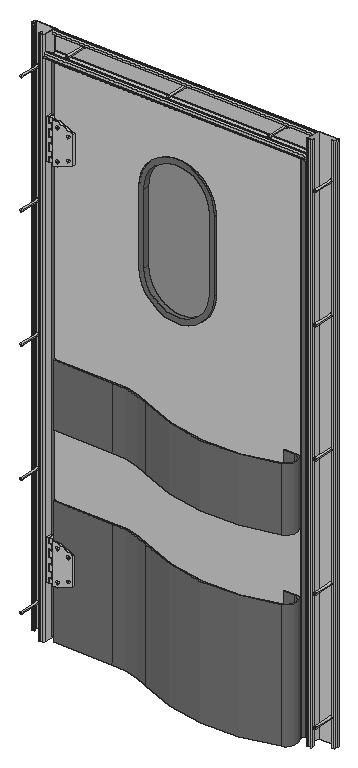
Revit family "Дверь МДО1", category Двери, Revit 2015
Parameters
  Тип рамы и крепления [instance] = if(and(Тип Рамы = Угол, Тип Крепления к стене = ТК_СП), "УГЛ / СП", if(and(Тип Рамы = Угол, Тип Крепления к стене = ТК_КРК), "УГЛ / КРК", if(and(Тип Рамы = Угол, Тип Крепления к стене = ТК_МК), "УГЛ / МК", if(and(Тип Рамы = Побр, Тип Крепления к стене = ТК_СП), "П / ОШИБКА", if(and(Тип Рамы = Побр, Тип Крепления к стене = ТК_КРК), "П / КРК", if(and(Тип Рамы = Побр, Тип Крепления к стене = ТК_МК), "П / МК", "ОБХ / СП"))))))  # "УГЛ / МК"
  Тип отбойника = if(Плоский отбойник, "Плоский отбойник", "Изогнутый отбойник")  # "Изогнутый отбойник"
  Обрамление проёма [instance] = if(F_Elem, "ДА", "НЕТ")  # "НЕТ"
  Крепеж видимость [instance] = Гнутая рама  # yes
  Ширина проема до монтажа = 1100 mm
  Ширина в свету = if(Плоский отбойник, Width - 106 mm, Width - 226 mm)  # 874 mm
  Функция = Внутренние слои
  Фасонный элемент [instance] = no
  Угол = ТР : Угловая рама
  Толщина полотна = 40 mm  # constant formula
  Тип рамы [instance] = if(Тип Рамы = Обхват, "ОБХ", if(Тип Рамы = Побр, "П", "УГЛ"))  # "УГЛ"
  Тип крепления [instance] = if(or(and(Тип Крепления к стене = ТК_КРК, Тип Рамы = Побр), and(Тип Крепления к стене = ТК_КРК, Тип Рамы = Угол)), "КРК", if(or(and(Тип Крепления к стене = ТК_МК, Тип Рамы = Побр), and(Тип Крепления к стене = ТК_МК, Тип Рамы = Угол)), "МК", if(and(Тип Крепления к стене = ТК_СП, Тип Рамы = Побр), "ОШИБКА", "СП")))  # "МК"
  Тип Крепления к стене [instance] = ККС : МК - к металлоконструкции
  Температурный режим = "C"  # constant formula
  ТК_СП = ККС : СП - к сэндвич-панели
  ТК_МК = ККС : МК - к металлоконструкции
  ТК_КРК = ККС : КРК - к крипичной стене
  Смещение полотна [instance] = 0 mm
  Тип Рамы [instance] = ТР : Угловая рама
  Побр = ТР : П-рама
  Описание = "Двери маятниковые одностворчатые (МДО)"  # constant formula
  Обхват = ТР : В обхват
  Группа модели = "МДО"  # constant formula
  Shift_door [instance] = if(Тип Рамы = Побр, Смещение полотна, 0 mm)  # 0 mm
  Резиновые изделия = Резина
  Плоский отбойник = no
  Петли правые = not(Петли левые)  # yes
  Петли левые = no
  П_образный профиль [instance] = Тип Рамы = Побр  # no
  Отображение обратного открывания [instance] = yes
  Наружная сторона = RAL9003
  Коробка и наличники = RAL9003
  Иллюминатор стекло = Пластмасса, прозрачная
  Иллюминатор радиус = if(H_hole_height < 350 mm, (H_hole_height - 50 mm) / 2, 150 mm)  # 150 mm
  H_hole_bottom = if(Height < Иллюминатор низ + Иллюминатор высота + 100 mm, if((Height - Иллюминатор высота - 100 mm) < 1100 mm, 1100 mm, Height - Иллюминатор высота - 100 mm), Иллюминатор низ)  # 1300 mm
  H_hole_height = if(Height < Иллюминатор высота + H_hole_bottom + 100 mm, Height - H_hole_bottom - 100 mm, 580 mm)  # 580 mm
  Изогнутый отбойник правый = and(Петли правые, not(Плоский отбойник))  # yes
  Изогнутый отбойник левый = and(Петли левые, not(Плоский отбойник))  # no
  Изготовитель = "ООО ПрофХолод"  # constant formula
  Гнутая рама [instance] = not(П_образный профиль)  # yes
  Высота проема до монтажа = 2100 mm
  Высота порога = 0 mm  # constant formula
  Высота в свету = Height - 30 mm  # 2070 mm
  Height = round((if(Высота проема до монтажа < 1500 mm, 1500 mm, if(Высота проема до монтажа > 3000 mm, 3000 mm, Высота проема до монтажа)) / 10 mm)) * 10 mm  # 2100 mm
  Замыкание стены = По основе
  Width = round((if(Ширина проема до монтажа < 700 mm, 700 mm, if(Ширина проема до монтажа > 1500 mm, 1500 mm, Ширина проема до монтажа)) / 10 mm)) * 10 mm  # 1100 mm
  Внутренняя сторона = AISI 430-0,5
  Аналитическая конструкция = "<Нет>"
  V_Obhv [instance] = Тип Рамы = Обхват  # no
  URL = "http://profholod.ru/"
  Иллюминатор высота = 580 mm  # constant formula
  Иллюминатор низ = 1300 mm  # constant formula
  F_Elem [instance] = or(and(Тип Рамы = Угол, Тип Крепления к стене = ТК_СП), and(Тип Рамы = Угол, Фасонный элемент))  # no
  ADSK_Толщина стены [instance] = 300 mm
  ADSK_Открывание = if(Петли левые, "Лев", "Пр")  # "Пр"
  ADSK_Обозначение = "ООО ПрофХолод"  # constant formula
  ADSK_Наименование = "МДО 1000 2000 40 AISI 430-0,5 RAL - 0,5 0 Н Лев"
  ADSK_Завод-изготовитель = Изготовитель  # "ООО ПрофХолод"
  ADSK_URL страницы изделия = "http://profholod.ru/"
Reference planes
  plane 1: y = 0
  plane 2 "По центру (Влево/Вправо)": x = 0
  plane 3 "Слева": x = -550
  plane 4 "Справа": x = 550
  plane 5 "Верх проема": z = 2100
  plane 6 "Наружный": y = 150
  plane 7 "Внутренние": y = -150
  plane 8 "Наружная грань полотна": y = 164.3
  plane 9: x = -520
  plane 10: x = 520
  plane 11: z = 2070
  plane 12: z = 2150
  plane 13: y = 164.3
  plane 14: z = 2150
  plane 15: x = 486
  plane 16: x = -486
  plane 17: z = 2060
  plane 18: z = 10
  plane 19: z = 1310
  plane 20: z = 1890
  plane 21: x = 150
  plane 22: x = -150
  plane 23: z = 1460
  plane 24: z = 1740
  plane 25: x = 540
  plane 26: x = -540
  plane 27: x = -540
  plane 28: x = 540
  plane 29 "Ось двери": y = 144.3
  plane 30: x = -570
  plane 31: x = 570
  plane 32: z = 2090
  plane 33: z = 2120
Forms (mm)
  Sweep 1, solid, material "RAL9003" <- "Коробка и наличники", visible <- "Гнутая рама", detail levels medium+fine
    path origin (0, 164.3, 0) x (-1, 0, 0) y (0, 0, 1)
      loop
        line (-520, 0) -> (-520, 2150)
    profile "Профиль МДО гнутая рама : Профиль МДО гнутая рама" origin (520, 164.3, 1075) x (1, 0, 0) y (0, 1, 0)
      loop
        line (20, -42.267) -> (18, -42.267) -> (18, -50.267)
        arc (18, -50.267) -> (17.414, -51.681) -> (16, -52.267) r 2
        line (16, -52.267) -> (4, -52.267)
        arc (4, -52.267) -> (2.586, -51.681) -> (2, -50.267) r 2
        line (2, -50.267) -> (2, 1.733)
        arc (2, 1.733) -> (2.586, 3.147) -> (4, 3.733) r 2
        line (4, 3.733) -> (76, 3.733)
        arc (76, 3.733) -> (77.414, 3.147) -> (78, 1.733) r 2
        line (78, 1.733) -> (78, -10.267)
        arc (78, -10.267) -> (77.414, -11.681) -> (76, -12.267) r 2
        line (76, -12.267) -> (68, -12.267) -> (68, -14.267) -> (76, -14.267)
        arc (76, -14.267) -> (78.828, -13.096) -> (80, -10.267) r 4
        line (80, -10.267) -> (80, 1.733)
        arc (80, 1.733) -> (78.828, 4.561) -> (76, 5.733) r 4
        line (76, 5.733) -> (4, 5.733)
        arc (4, 5.733) -> (1.172, 4.561) -> (0, 1.733) r 4
        line (0, 1.733) -> (0, -50.267)
        arc (0, -50.267) -> (1.172, -53.096) -> (4, -54.267) r 4
        line (4, -54.267) -> (16, -54.267)
        arc (16, -54.267) -> (18.828, -53.096) -> (20, -50.267) r 4
        line (20, -50.267) -> (20, -42.267)
  Sweep 2, solid, material "RAL9003" <- "Коробка и наличники", visible <- "Гнутая рама", detail levels medium+fine
    path origin (0, 164.3, 0) x (-1, 0, 0) y (0, 0, 1)
      loop
        line (520, 0) -> (520, 2150)
    profile "Профиль МДО гнутая рама : Профиль МДО гнутая рама" origin (-520, 164.3, 1075) x (1, 0, 0) y (0, 1, 0)
      loop
        line (-20, -42.267) -> (-20, -50.267)
        arc (-20, -50.267) -> (-18.828, -53.096) -> (-16, -54.267) r 4
        line (-16, -54.267) -> (-4, -54.267)
        arc (-4, -54.267) -> (-1.172, -53.096) -> (0, -50.267) r 4
        line (0, -50.267) -> (0, 1.733)
        arc (0, 1.733) -> (-1.172, 4.561) -> (-4, 5.733) r 4
        line (-4, 5.733) -> (-76, 5.733)
        arc (-76, 5.733) -> (-78.828, 4.561) -> (-80, 1.733) r 4
        line (-80, 1.733) -> (-80, -10.267)
        arc (-80, -10.267) -> (-78.828, -13.096) -> (-76, -14.267) r 4
        line (-76, -14.267) -> (-68, -14.267) -> (-68, -12.267) -> (-76, -12.267)
        arc (-76, -12.267) -> (-77.414, -11.681) -> (-78, -10.267) r 2
        line (-78, -10.267) -> (-78, 1.733)
        arc (-78, 1.733) -> (-77.414, 3.147) -> (-76, 3.733) r 2
        line (-76, 3.733) -> (-4, 3.733)
        arc (-4, 3.733) -> (-2.586, 3.147) -> (-2, 1.733) r 2
        line (-2, 1.733) -> (-2, -50.267)
        arc (-2, -50.267) -> (-2.586, -51.681) -> (-4, -52.267) r 2
        line (-4, -52.267) -> (-16, -52.267)
        arc (-16, -52.267) -> (-17.414, -51.681) -> (-18, -50.267) r 2
        line (-18, -50.267) -> (-18, -42.267) -> (-20, -42.267)
  Sweep 3, solid, material "RAL9003" <- "Коробка и наличники", visible <- "Гнутая рама", detail levels medium+fine
    path origin (0, 164.3, 0) x (-1, 0, 0) y (0, 0, 1)
      loop
        line (-520, 2070) -> (520, 2070)
    profile "Профиль МДО гнутая рама : Профиль МДО гнутая рама" origin (0, 164.3, 2070) x (0, 0, 1) y (0, 1, 0)
      loop
        line (20, -42.267) -> (18, -42.267) -> (18, -50.267)
        arc (18, -50.267) -> (17.414, -51.681) -> (16, -52.267) r 2
        line (16, -52.267) -> (4, -52.267)
        arc (4, -52.267) -> (2.586, -51.681) -> (2, -50.267) r 2
        line (2, -50.267) -> (2, 1.733)
        arc (2, 1.733) -> (2.586, 3.147) -> (4, 3.733) r 2
        line (4, 3.733) -> (76, 3.733)
        arc (76, 3.733) -> (77.414, 3.147) -> (78, 1.733) r 2
        line (78, 1.733) -> (78, -10.267)
        arc (78, -10.267) -> (77.414, -11.681) -> (76, -12.267) r 2
        line (76, -12.267) -> (68, -12.267) -> (68, -14.267) -> (76, -14.267)
        arc (76, -14.267) -> (78.828, -13.096) -> (80, -10.267) r 4
        line (80, -10.267) -> (80, 1.733)
        arc (80, 1.733) -> (78.828, 4.561) -> (76, 5.733) r 4
        line (76, 5.733) -> (4, 5.733)
        arc (4, 5.733) -> (1.172, 4.561) -> (0, 1.733) r 4
        line (0, 1.733) -> (0, -50.267)
        arc (0, -50.267) -> (1.172, -53.096) -> (4, -54.267) r 4
        line (4, -54.267) -> (16, -54.267)
        arc (16, -54.267) -> (18.828, -53.096) -> (20, -50.267) r 4
        line (20, -50.267) -> (20, -42.267)
  Extrusion 4, solid, material "RAL9003" <- "Наружная сторона", detail levels medium+fine
    sketch origin (0, 164.3, 0) x (-1, 0, 0) y (0, 0, 1)
      loop
        line (-486, 2060) -> (-486, 10) -> (486, 10) -> (486, 2060) -> (-486, 2060)
      loop
        line (150, 1460) -> (150, 1740)
        arc (150, 1740) -> (0, 1890) -> (-150, 1740) r 150
        line (-150, 1740) -> (-150, 1460)
        arc (-150, 1460) -> (0, 1310) -> (150, 1460) r 150
    from 0 to -40
  Sweep 5, solid, material "Резина" <- "Резиновые изделия", detail levels fine
    path origin (0, 164.3, 0) x (-1, 0, 0) y (0, 0, 1)
      loop
        line (-486, 10) -> (-486, 2060)
    profile "Профиль МДО уплотнитель : Профиль МДО уплотнитель" origin (486, 164.3, 1035) x (1, 0, 0) y (0, 1, 0)
      loop
        line (0, -17.022) -> (-3, -17.022) -> (-3, -11.022) -> (-6, -11.022) -> (-6, -28.978) -> (-3, -28.978) -> (-3, -22.978) -> (0, -22.978) -> (0, -36.978) -> (1, -36.978) -> (5.146, -28.189)
        arc (5.146, -28.189) -> (8.922, -23.617) -> (14.426, -21.412) r 12
        line (14.426, -21.412) -> (34, -20.522) -> (34, -19.522) -> (15.454, -18.679)
        arc (15.454, -18.679) -> (9.346, -16.678) -> (5.146, -11.811) r 12
        line (5.146, -11.811) -> (1, -3.022) -> (0, -3.022) -> (0, -17.022)
  Sweep 6, solid, material "Резина" <- "Резиновые изделия", detail levels fine
    path origin (0, 164.3, 0) x (-1, 0, 0) y (0, 0, 1)
      loop
        line (486, 10) -> (486, 2060)
    profile "Профиль МДО уплотнитель : Профиль МДО уплотнитель" origin (-486, 164.3, 1035) x (1, 0, 0) y (0, 1, 0)
      loop
        line (0, -17.022) -> (0, -3.022) -> (-1, -3.022) -> (-5.146, -11.811)
        arc (-5.146, -11.811) -> (-9.346, -16.678) -> (-15.454, -18.679) r 12
        line (-15.454, -18.679) -> (-34, -19.522) -> (-34, -20.522) -> (-14.426, -21.412)
        arc (-14.426, -21.412) -> (-8.922, -23.617) -> (-5.146, -28.189) r 12
        line (-5.146, -28.189) -> (-1, -36.978) -> (0, -36.978) -> (0, -22.978) -> (3, -22.978) -> (3, -28.978) -> (6, -28.978) -> (6, -11.022) -> (3, -11.022) -> (3, -17.022) -> (0, -17.022)
  Sweep 7, solid, material "RAL9003" <- "Коробка и наличники", visible <- "П_образный профиль", detail levels medium+fine
    path origin (0, 164.3, 0) x (-1, 0, 0) y (0, 0, 1)
      loop
        line (-540, 2070) -> (540, 2070)
    profile "Профиль МДО П-образная рама : Профиль МДО П-образная рама" origin (0, 164.3, 2070) x (0, 0, 1) y (0, 1, 0)
      loop
        line (4, -50.267) -> (16, -50.267)
        arc (16, -50.267) -> (18.828, -49.096) -> (20, -46.267) r 4
        line (20, -46.267) -> (20, -38.267) -> (18, -38.267) -> (18, -46.267)
        arc (18, -46.267) -> (17.414, -47.681) -> (16, -48.267) r 2
        line (16, -48.267) -> (4, -48.267)
        arc (4, -48.267) -> (2.586, -47.681) -> (2, -46.267) r 2
        line (2, -46.267) -> (2, 5.733)
        arc (2, 5.733) -> (2.586, 7.147) -> (4, 7.733) r 2
        line (4, 7.733) -> (16, 7.733)
        arc (16, 7.733) -> (17.414, 7.147) -> (18, 5.733) r 2
        line (18, 5.733) -> (18, -2.267) -> (20, -2.267) -> (20, 5.733)
        arc (20, 5.733) -> (18.828, 8.561) -> (16, 9.733) r 4
        line (16, 9.733) -> (4, 9.733)
        arc (4, 9.733) -> (1.172, 8.561) -> (0, 5.733) r 4
        line (0, 5.733) -> (0, -46.267)
        arc (0, -46.267) -> (1.172, -49.096) -> (4, -50.267) r 4
  Sweep 8, solid, material "RAL9003" <- "Коробка и наличники", visible <- "П_образный профиль", detail levels medium+fine
    path origin (0, 164.3, 0) x (-1, 0, 0) y (0, 0, 1)
      loop
        line (-520, 0) -> (-520, 2070)
    profile "Профиль МДО П-образная рама : Профиль МДО П-образная рама" origin (520, 164.3, 1035) x (1, 0, 0) y (0, 1, 0)
      loop
        line (4, -50.267) -> (16, -50.267)
        arc (16, -50.267) -> (18.828, -49.096) -> (20, -46.267) r 4
        line (20, -46.267) -> (20, -38.267) -> (18, -38.267) -> (18, -46.267)
        arc (18, -46.267) -> (17.414, -47.681) -> (16, -48.267) r 2
        line (16, -48.267) -> (4, -48.267)
        arc (4, -48.267) -> (2.586, -47.681) -> (2, -46.267) r 2
        line (2, -46.267) -> (2, 5.733)
        arc (2, 5.733) -> (2.586, 7.147) -> (4, 7.733) r 2
        line (4, 7.733) -> (16, 7.733)
        arc (16, 7.733) -> (17.414, 7.147) -> (18, 5.733) r 2
        line (18, 5.733) -> (18, -2.267) -> (20, -2.267) -> (20, 5.733)
        arc (20, 5.733) -> (18.828, 8.561) -> (16, 9.733) r 4
        line (16, 9.733) -> (4, 9.733)
        arc (4, 9.733) -> (1.172, 8.561) -> (0, 5.733) r 4
        line (0, 5.733) -> (0, -46.267)
        arc (0, -46.267) -> (1.172, -49.096) -> (4, -50.267) r 4
  Sweep 9, solid, material "RAL9003" <- "Коробка и наличники", visible <- "П_образный профиль", detail levels medium+fine
    path origin (0, 164.3, 0) x (-1, 0, 0) y (0, 0, 1)
      loop
        line (520, 0) -> (520, 2070)
    profile "Профиль МДО П-образная рама : Профиль МДО П-образная рама" origin (-520, 164.3, 1035) x (1, 0, 0) y (0, 1, 0)
      loop
        arc (-4, -50.267) -> (-1.172, -49.096) -> (0, -46.267) r 4
        line (0, -46.267) -> (0, 5.733)
        arc (0, 5.733) -> (-1.172, 8.561) -> (-4, 9.733) r 4
        line (-4, 9.733) -> (-16, 9.733)
        arc (-16, 9.733) -> (-18.828, 8.561) -> (-20, 5.733) r 4
        line (-20, 5.733) -> (-20, -2.267) -> (-18, -2.267) -> (-18, 5.733)
        arc (-18, 5.733) -> (-17.414, 7.147) -> (-16, 7.733) r 2
        line (-16, 7.733) -> (-4, 7.733)
        arc (-4, 7.733) -> (-2.586, 7.147) -> (-2, 5.733) r 2
        line (-2, 5.733) -> (-2, -46.267)
        arc (-2, -46.267) -> (-2.586, -47.681) -> (-4, -48.267) r 2
        line (-4, -48.267) -> (-16, -48.267)
        arc (-16, -48.267) -> (-17.414, -47.681) -> (-18, -46.267) r 2
        line (-18, -46.267) -> (-18, -38.267) -> (-20, -38.267) -> (-20, -46.267)
        arc (-20, -46.267) -> (-18.828, -49.096) -> (-16, -50.267) r 4
        line (-16, -50.267) -> (-4, -50.267)
  Sweep 10, solid, material "Резина" <- "Резиновые изделия", detail levels medium+fine
    path in 3D
      loop
        line (150, 164.3, 1740) -> (150, 164.3, 1460)
        arc (150, 164.3, 1460) -> (0, 164.3, 1310) -> (-150, 164.3, 1460) r 150
        line (-150, 164.3, 1460) -> (-150, 164.3, 1740)
        arc (-150, 164.3, 1740) -> (0, 164.3, 1890) -> (150, 164.3, 1740) r 150
    profile origin (0, 164.3, 1890) x (0, 0, -1) y (0, 1, 0)
      loop
        line (0, 5) -> (0, -45) -> (20, -45) -> (20, 5) -> (0, 5)
  Extrusion 11, solid, material "Пластмасса, прозрачная" <- "Иллюминатор стекло", detail levels medium+fine
    sketch origin (0, 164.3, 0) x (-1, 0, 0) y (0, 0, 1)
      loop
        arc (130, 1740) -> (0, 1870) -> (-130, 1740) r 130
        line (-130, 1740) -> (-130, 1460)
        arc (-130, 1460) -> (0, 1330) -> (130, 1460) r 130
        line (130, 1460) -> (130, 1740)
    from -15 to -25
  Extrusion 12, solid, material "RAL9003" <- "Коробка и наличники", visible <- "F_Elem", detail levels medium+fine
    sketch origin (0, 0, 0) x (1, 0, 0) y (0, 1, 0)
      loop
        line (-570, -152) -> (-540, -152) -> (-540, 144.3) -> (-542.288, 144.3) -> (-542.288, -150) -> (-570, -150) -> (-570, -152)
      loop
        line (540, 144.3) -> (540, -152) -> (570, -152) -> (570, -150) -> (542, -150) -> (542, 144.3) -> (540, 144.3)
    from 0 to 2090
  Extrusion 13, solid, material "RAL9003" <- "Коробка и наличники", visible <- "F_Elem", detail levels medium+fine
    sketch origin (0, 0, 0) x (0, 1, 0) y (0, 0, 1)
      loop
        line (144.3, 2090) -> (144.3, 2092) -> (-150, 2092) -> (-150, 2120) -> (-152, 2120) -> (-152, 2090) -> (144.3, 2090)
    from -570 to 570
  Extrusion 14, solid, material "RAL9003" <- "Коробка и наличники", visible <- "V_Obhv", detail levels medium+fine
    sketch origin (0, 0, 0) x (1, 0, 0) y (0, 1, 0)
      loop
        arc (-596, -150.033) -> (-598.828, -151.204) -> (-600, -154.033) r 4
        line (-600, -154.033) -> (-600, -166.033)
        arc (-600, -166.033) -> (-598.828, -168.861) -> (-596, -170.033) r 4
        line (-596, -170.033) -> (-544, -170.033)
        arc (-544, -170.033) -> (-541.172, -168.861) -> (-540, -166.033) r 4
        line (-540, -166.033) -> (-540, 144.3) -> (-542, 144.3) -> (-542, -166.033)
        arc (-542, -166.033) -> (-542.586, -167.447) -> (-544, -168.033) r 2
        line (-544, -168.033) -> (-596, -168.033)
        arc (-596, -168.033) -> (-597.414, -167.447) -> (-598, -166.033) r 2
        line (-598, -166.033) -> (-598, -154.033)
        arc (-598, -154.033) -> (-597.414, -152.619) -> (-596, -152.033) r 2
        line (-596, -152.033) -> (-588, -152.033) -> (-588, -150.033) -> (-596, -150.033)
      loop
        line (596, -150.033) -> (588, -150.033) -> (588, -152.033) -> (596, -152.033)
        arc (596, -152.033) -> (597.414, -152.619) -> (598, -154.033) r 2
        line (598, -154.033) -> (598, -166.033)
        arc (598, -166.033) -> (597.414, -167.447) -> (596, -168.033) r 2
        line (596, -168.033) -> (544, -168.033)
        arc (544, -168.033) -> (542.586, -167.447) -> (542, -166.033) r 2
        line (542, -166.033) -> (542, 144.3) -> (540, 144.3) -> (540, -166.033)
        arc (540, -166.033) -> (541.172, -168.861) -> (544, -170.033) r 4
        line (544, -170.033) -> (596, -170.033)
        arc (596, -170.033) -> (598.828, -168.861) -> (600, -166.033) r 4
        line (600, -166.033) -> (600, -154.033)
        arc (600, -154.033) -> (598.828, -151.204) -> (596, -150.033) r 4
    from 0 to 2150
  Extrusion 15, solid, material "RAL9003" <- "Коробка и наличники", visible <- "V_Obhv", detail levels medium+fine
    sketch origin (0, 0, 0) x (0, 1, 0) y (0, 0, 1)
      loop
        line (-150.033, 2138) -> (-150.033, 2146)
        arc (-150.033, 2146) -> (-151.204, 2148.828) -> (-154.033, 2150) r 4
        line (-154.033, 2150) -> (-166.033, 2150)
        arc (-166.033, 2150) -> (-168.861, 2148.828) -> (-170.033, 2146) r 4
        line (-170.033, 2146) -> (-170.033, 2094)
        arc (-170.033, 2094) -> (-168.861, 2091.172) -> (-166.033, 2090) r 4
        line (-166.033, 2090) -> (144.3, 2090) -> (144.3, 2092) -> (-166.033, 2092)
        arc (-166.033, 2092) -> (-167.447, 2092.586) -> (-168.033, 2094) r 2
        line (-168.033, 2094) -> (-168.033, 2146)
        arc (-168.033, 2146) -> (-167.447, 2147.414) -> (-166.033, 2148) r 2
        line (-166.033, 2148) -> (-154.033, 2148)
        arc (-154.033, 2148) -> (-152.619, 2147.414) -> (-152.033, 2146) r 2
        line (-152.033, 2146) -> (-152.033, 2138) -> (-150.033, 2138)
    from -540 to 540
  Extrusion 16, solid, material "Резина" <- "Резиновые изделия", visible <- "Плоский отбойник", detail levels fine
    sketch origin (0, 164.3, 0) x (-1, 0, 0) y (0, 0, 1)
      loop
        line (-486, 10) -> (486, 10) -> (486, 510) -> (-486, 510) -> (-486, 10)
      loop
        line (-486, 760) -> (486, 760) -> (486, 1010) -> (-486, 1010) -> (-486, 760)
    from 0 to 3
  Extrusion 17, solid, material "Резина" <- "Резиновые изделия", visible <- "Плоский отбойник", detail levels fine
    sketch origin (0, 124.3, 0) x (1, 0, 0) y (0, 0, 1)
      loop
        line (-486, 10) -> (486, 10) -> (486, 510) -> (-486, 510) -> (-486, 10)
      loop
        line (-486, 1010) -> (-486, 760) -> (486, 760) -> (486, 1010) -> (-486, 1010)
    from 0 to 3
  Extrusion 18, solid, material "RAL9003" <- "Наружная сторона", detail levels coarse
    sketch origin (0, 164.3, 0) x (-1, 0, 0) y (0, 0, 1)
      loop
        line (-550, 2100) -> (-550, 10) -> (550, 10) -> (550, 2100) -> (-550, 2100)
    from 0 to -40
Lines and regions (mm)
  Opening 1
    outline origin (-3050, -150, 0) x (1, 0, 0) y (0, 0, 1)
      loop
        line (2500, 0) -> (3600, 0) -> (3600, 2100) -> (2500, 2100) -> (2500, 0)
  symbolic lines, style "Поворот фасада", visible <- "Петли правые"
    curve 1: line (550, -150, 1050) -> (-550, -150, 2100)
    curve 2: line (550, -150, 1050) -> (-550, -150, 0)
  sketch lines
    curve 3: arc (-150, 164.3, 1740) -> (0, 164.3, 1890) -> (150, 164.3, 1740) r 150
    curve 4: line (-150, 164.3, 1740) -> (-150, 164.3, 1460)
    curve 5: arc (150, 164.3, 1460) -> (0, 164.3, 1310) -> (-150, 164.3, 1460) r 150
    curve 6: line (150, 164.3, 1460) -> (150, 164.3, 1740)
  symbolic lines, style "Поворот фасада", visible <- "Петли левые"
    curve 7: line (550, 164.3, 2100) -> (-550, 164.3, 1050)
    curve 8: line (-550, 164.3, 1050) -> (550, 164.3, 0)
Text (mm)
  text "Наружный" at (-2295.016, 1099.543, 0), in view "Опорный уровень"
  text "Наружный" at (0, 1615.38, 3698.081), in view "Слева"
  text "Наружный" at (0, 1036.032, 3874.932), in view "Справа"
Dimensions and locks
  equal spacing: plane 3 "Слева", plane 2 "По центру (Влево/Вправо)", plane 4 "Справа"
  "Width": plane 3 "Слева" to plane 4 "Справа"
  "Height": plane 5 "Верх проема" to host wall
  locked: plane 6 "Наружный" to host wall at 0
  locked: plane 7 "Внутренние" to host wall
  "Shift_door": plane 13 to plane 8 "Наружная грань полотна"
  plane 17 to plane 11 to plane 5 "Верх проема" = 10 mm locked, 30 mm locked
  locked: plane 5 "Верх проема" to plane 12 at 50
  locked: plane 13 to plane 6 "Наружный" at 14.3
  locked: plane 5 "Верх проема" to plane 14 at 50
  plane 3 "Слева" to plane 9 to plane 16 = 30 mm locked, 34 mm locked
  plane 15 to plane 10 to plane 4 "Справа" = 34 mm locked, 30 mm locked
  locked: level to plane 18 at 10
  "H_hole_bottom": plane 18 to plane 19
  "H_hole_height": plane 19 to plane 20
  "Иллюминатор радиус": plane 21 to plane 2 "По центру (Влево/Вправо)"
  "Иллюминатор радиус": plane 2 "По центру (Влево/Вправо)" to plane 22
  "Иллюминатор радиус": plane 19 to plane 23
  "Иллюминатор радиус": plane 24 to plane 20
  locked: plane 18 to nested 2 at 280
  locked: nested 1 to plane 17 at 280
  locked: plane 25 to plane 4 "Справа" at 10
  locked: plane 3 "Слева" to plane 26 at 10
  plane 30 to plane 3 "Слева" to plane 27 = 20 mm locked, 10 mm locked
  plane 28 to plane 4 "Справа" to plane 31 = 10 mm locked, 20 mm locked
  locked: plane 8 "Наружная грань полотна" to plane 29 "Ось двери" at 20
  Extrusion 12 sketch curve to plane 27 = 2.288 mm
  locked: Extrusion 12 sketch curve to plane 7 "Внутренние" at 2
  locked: Extrusion 12 sketch curve to Extrusion 12 sketch curve at 2
  locked: plane 28 to Extrusion 12 sketch curve at 2
  plane 33 to plane 5 "Верх проема" to plane 32 = 20 mm locked, 10 mm locked
  locked: plane 7 "Внутренние" to Extrusion 13 sketch curve at 2
  locked: Extrusion 13 sketch curve to plane 32 at 2
  locked: plane 5 "Верх проема" to nested 9 at 100
  locked: nested 9 to plane 3 "Слева" at 30
  locked: plane 3 "Слева" to nested 5 at 30
  locked: nested 5 to level at 100
  equal spacing: nested 9, nested 8, nested 7, nested 6, nested 5
  equal spacing: nested 14, nested 13, nested 12, nested 11, nested 10
  locked: nested 10 to plane 4 "Справа" at 30
  locked: plane 4 "Справа" to nested 14 at 30
  locked: plane 3 "Слева" to nested 15 at 150
  locked: nested 17 to plane 4 "Справа" at 150
  locked: nested 17 to plane 5 "Верх проема" at 30
  locked: Extrusion 14 sketch curve to plane 27 at 2
  plane 7 "Внутренние" to Extrusion 14 sketch curve to Extrusion 14 sketch curve to Extrusion 14 sketch curve = 2.033 mm locked, 16 mm locked, 2 mm locked  (x2)
  Extrusion 14 sketch curve to Extrusion 14 sketch curve to Extrusion 14 sketch curve to plane 3 "Слева" = 2 mm locked, 10 mm locked, 38 mm locked
  Extrusion 14 sketch curve to Extrusion 14 sketch curve to Extrusion 14 sketch curve to plane 4 "Справа" = 2 mm locked, 10 mm locked, 38 mm locked
  locked: plane 28 to Extrusion 12 at 2
  locked: Extrusion 15 sketch curve to Extrusion 15 sketch curve at 2
  plane 5 "Верх проема" to Extrusion 15 sketch curve to Extrusion 15 sketch curve to Extrusion 15 sketch curve = 38 mm locked, 10 mm locked, 2 mm locked
  Extrusion 4 to Extrusion 16 sketch curve to Extrusion 16 sketch curve to Extrusion 16 sketch curve = 500 mm locked, 250 mm locked, 250 mm locked
  equal spacing: level, curve 2, plane 5 "Верх проема"
  equal spacing: level, curve 8, plane 5 "Верх проема"
  "ADSK_Толщина стены": host wall to host wall
  aligned and locked: plane 3 "Слева" to Opening 1 sketch curve
  aligned and locked: plane 5 "Верх проема" to Opening 1 sketch curve  (x2)
  aligned and locked: Opening 1 sketch curve to plane 4 "Справа"
  aligned and locked: Opening 1 sketch curve to level
  aligned and locked: plane 5 "Верх проема" to curve 1
  aligned and locked: plane 3 "Слева" to curve 2
  aligned and locked: plane 1 to host wall
  aligned and locked: plane 3 "Слева" to curve 1
  aligned and locked: Sweep 1 sketch curve to plane 10
  aligned and locked: level to Sweep 1 sketch curve
  aligned and locked: plane 12 to Sweep 1 sketch curve
  aligned and locked: Sweep 2 sketch curve to plane 9
  aligned and locked: level to Sweep 2 sketch curve
  aligned and locked: plane 14 to Sweep 2 sketch curve
  aligned and locked: Sweep 3 sketch curve to plane 11
  aligned and locked: plane 10 to Sweep 3 sketch curve
  aligned and locked: plane 9 to Sweep 3 sketch curve
  aligned and locked: Extrusion 4 sketch curve to plane 17
  aligned and locked: Extrusion 4 sketch curve to plane 15
  aligned and locked: plane 18 to Extrusion 4 sketch curve
  aligned and locked: plane 16 to Extrusion 4 sketch curve
  aligned and locked: plane 22 to Extrusion 4 sketch curve  (x2)
  aligned and locked: plane 21 to Extrusion 4 sketch curve  (x2)
  aligned and locked: Sweep 5 sketch curve to plane 15
  aligned and locked: plane 17 to Sweep 5 sketch curve
  aligned and locked: plane 18 to Sweep 5 sketch curve
  aligned and locked: Sweep 6 sketch curve to plane 16
  aligned and locked: plane 18 to Sweep 6 sketch curve
  aligned and locked: plane 17 to Sweep 6 sketch curve
  aligned and locked: nested 2 to nested 3  (x2)
  aligned and locked: nested 1 to nested 4
  aligned and locked: nested 1 to nested 2
  aligned and locked: nested 4 to nested 3
  aligned and locked: Sweep 7 sketch curve to plane 11
  aligned and locked: Sweep 8 sketch curve to plane 10
  aligned and locked: plane 11 to Sweep 8 sketch curve
  aligned and locked: level to Sweep 8 sketch curve
  aligned and locked: plane 25 to Sweep 7 sketch curve
  aligned and locked: plane 26 to Sweep 7 sketch curve
  aligned and locked: Sweep 9 sketch curve to plane 9
  aligned and locked: plane 11 to Sweep 9 sketch curve
  aligned and locked: level to Sweep 9 sketch curve
  aligned and locked: Extrusion 11 sketch curve to Sweep 10  (x2)
  aligned and locked: Extrusion 12 sketch curve to plane 30
  aligned and locked: Extrusion 12 sketch curve to plane 29 "Ось двери"
  aligned and locked: plane 29 "Ось двери" to Extrusion 12 sketch curve
  aligned and locked: plane 28 to Extrusion 12 sketch curve
  aligned and locked: Extrusion 12 sketch curve to plane 7 "Внутренние"
  aligned and locked: Extrusion 12 sketch curve to plane 31
  aligned and locked: plane 29 "Ось двери" to Extrusion 13 sketch curve
  aligned and locked: Extrusion 13 sketch curve to plane 32
  aligned and locked: plane 33 to Extrusion 13 sketch curve
  aligned and locked: Extrusion 13 sketch curve to plane 7 "Внутренние"
  aligned and locked: Extrusion 13 to Extrusion 12  (x2)
  aligned and locked: Extrusion 12 to Extrusion 13
  aligned and locked: nested 5 to host wall
  aligned and locked: nested 8 to nested 9
  aligned and locked: nested 7 to nested 9
  aligned and locked: nested 6 to nested 9
  aligned and locked: nested 13 to nested 14
  aligned and locked: nested 12 to nested 14
  aligned and locked: nested 11 to nested 14
  aligned and locked: nested 9 to nested 14
  aligned and locked: nested 5 to nested 10
  aligned and locked: plane 2 "По центру (Влево/Вправо)" to nested 16
  aligned and locked: nested 16 to nested 17
  aligned and locked: nested 15 to nested 17
  aligned and locked: plane 6 "Наружный" to nested 9
  aligned and locked: plane 6 "Наружный" to nested 8
  aligned and locked: plane 6 "Наружный" to nested 7
  aligned and locked: plane 6 "Наружный" to nested 6
  aligned and locked: plane 6 "Наружный" to nested 15
  aligned and locked: plane 6 "Наружный" to nested 16
  aligned and locked: plane 6 "Наружный" to nested 17
  aligned and locked: plane 6 "Наружный" to nested 14
  aligned and locked: plane 6 "Наружный" to nested 13
  aligned and locked: plane 6 "Наружный" to nested 12
  aligned and locked: plane 6 "Наружный" to nested 11
  aligned and locked: plane 6 "Наружный" to nested 10
  aligned and locked: plane 27 to Extrusion 14 sketch curve
  aligned and locked: Extrusion 14 sketch curve to plane 29 "Ось двери"
  aligned and locked: Extrusion 14 to Sweep 2
  aligned and locked: plane 29 "Ось двери" to Extrusion 14 sketch curve
  aligned and locked: plane 28 to Extrusion 14 sketch curve
  aligned and locked: Extrusion 15 sketch curve to plane 32
  aligned and locked: plane 29 "Ось двери" to Extrusion 15 sketch curve
  aligned and locked: plane 27 to Extrusion 15
  aligned and locked: Extrusion 15 to plane 28
  aligned and locked: Extrusion 16 sketch curve to Extrusion 4  (x2)
  aligned and locked: Extrusion 4 to Extrusion 16 sketch curve
  aligned and locked: Extrusion 17 sketch curve to Extrusion 4  (x2)
  aligned and locked: Extrusion 4 to Extrusion 17 sketch curve
  aligned and locked: Extrusion 17 sketch curve to Extrusion 16
  aligned and locked: nested 18 to plane 15
  aligned and locked: nested 18 to plane 16
  aligned and locked: plane 18 to nested 19
  aligned and locked: Extrusion 16 to nested 19
  aligned and locked: plane 15 to nested 20
  aligned and locked: plane 16 to nested 20
  aligned and locked: nested 21 to plane 18
  aligned and locked: nested 21 to Extrusion 16
  aligned and locked: nested 19 to plane 15
  aligned and locked: nested 19 to plane 16
  aligned and locked: plane 15 to nested 21
  aligned and locked: plane 16 to nested 21
  aligned and locked: nested 22 to plane 16
  aligned and locked: nested 22 to plane 15
  aligned and locked: nested 22 to nested 18
  aligned and locked: plane 16 to nested 23
  aligned and locked: plane 15 to nested 23
  aligned and locked: nested 18 to nested 23
  aligned and locked: nested 24 to plane 15
  aligned and locked: nested 24 to plane 16
  aligned and locked: nested 24 to plane 18
  aligned and locked: nested 24 to Extrusion 16
  aligned and locked: plane 15 to nested 25
  aligned and locked: plane 16 to nested 25
  aligned and locked: plane 18 to nested 25
  aligned and locked: nested 25 to Extrusion 16
  aligned and locked: plane 7 "Внутренние" to Extrusion 12 sketch curve
  aligned and locked: plane 29 "Ось двери" to nested 1
  aligned and locked: plane 29 "Ось двери" to nested 2
  aligned and locked: nested 4 to plane 29 "Ось двери"
  aligned and locked: nested 3 to plane 29 "Ось двери"
  aligned and locked: Extrusion 18 sketch curve to plane 4 "Справа"
  aligned and locked: Extrusion 18 sketch curve to plane 18
  aligned and locked: Extrusion 18 sketch curve to plane 5 "Верх проема"
  aligned and locked: plane 4 "Справа" to curve 1
  aligned and locked: plane 4 "Справа" to curve 8
  aligned and locked: level to curve 8
  aligned and locked: nested 28 to plane 29 "Ось двери"
  aligned and locked: nested 28 to plane 9
  aligned and locked: nested 29 to plane 10
  aligned and locked: plane 29 "Ось двери" to nested 29
Automatic sketch dimensions
  Sweep 10 sketch curve to profile plane = 0 mm
  profile plane to Sweep 10 sketch curve = 5 mm
  Sweep 10 sketch curve to profile plane = 20 mm
  Sweep 10 sketch curve to profile plane = 45 mm
  Extrusion 14 sketch curve to Extrusion 14 sketch curve = 0 mm  (x9)
  Extrusion 14 sketch curve to Extrusion 14 sketch curve = 2 mm  (x4)
  plane 27 to Extrusion 14 sketch curve = 4 mm
  Extrusion 14 sketch curve to plane 28 = 4 mm
  Extrusion 15 sketch curve to Extrusion 15 sketch curve = 0 mm  (x5)
  host wall to Extrusion 15 sketch curve = 20.033 mm
  Extrusion 15 sketch curve to Extrusion 15 sketch curve = 2 mm  (x2)
  host wall to Extrusion 15 sketch curve = 4.033 mm
  host wall to Extrusion 15 sketch curve = 2.033 mm
  Extrusion 16 sketch curve to Extrusion 4 = 0 mm
  Extrusion 4 to Extrusion 16 sketch curve = 0 mm
  Extrusion 4 to Extrusion 17 sketch curve = 0 mm
  Extrusion 17 sketch curve to Extrusion 4 = 0 mm
  Extrusion 12 sketch curve to plane 27 = 0 mm
  Extrusion 4 sketch curve to plane 23 = 0 mm
  Extrusion 4 sketch curve to plane 24 = 0 mm
  Extrusion 17 sketch curve to Extrusion 17 sketch curve = 250 mm  (x2)
  Extrusion 18 sketch curve to plane 3 "Слева" = 0 mm
  curve 2 to level = 0 mm
  plane 4 "Справа" to curve 7 = 0 mm
  plane 3 "Слева" to curve 8 = 0 mm
  curve 7 to plane 5 "Верх проема" = 0 mm
Nested families
  nested 1: "Маятниковая петля COLDTECH (Италия)" at (-520, 144.3, 1780) x (0, 0, 1) z (1, 0, 0), visible <- "Петли правые", type "Маятниковая петля COLDTECH (Италия)", detail levels medium+fine
  nested 2: "Маятниковая петля COLDTECH (Италия)" at (-520, 144.3, 290) x (0, 0, 1) z (1, 0, 0), visible <- "Петли правые", type "Маятниковая петля COLDTECH (Италия)", detail levels medium+fine
  nested 3: "Маятниковая петля COLDTECH (Италия)" at (520, 144.3, 290) x (0, 0, 1) z (-1, 0, 0), visible <- "Петли левые", type "Маятниковая петля COLDTECH (Италия)", detail levels medium+fine
  nested 4: "Маятниковая петля COLDTECH (Италия)" at (520, 144.3, 1780) x (0, 0, 1) z (-1, 0, 0), visible <- "Петли левые", type "Маятниковая петля COLDTECH (Италия)", detail levels medium+fine
  nested 5: "Крепеж" at (-580, -150, 100) x (1, 0, 0) z (0, -1, 0), visible <- "Крепеж видимость", type "Дюбель", detail levels fine
    with L 300 mm
  nested 6: "Крепеж" at (-580, -150, 575) x (1, 0, 0) z (0, -1, 0), visible <- "Крепеж видимость", type "Дюбель", detail levels fine
    with L 300 mm
  nested 7: "Крепеж" at (-580, -150, 1050) x (1, 0, 0) z (0, -1, 0), visible <- "Крепеж видимость", type "Дюбель", detail levels fine
    with L 300 mm
  nested 8: "Крепеж" at (-580, -150, 1525) x (1, 0, 0) z (0, -1, 0), visible <- "Крепеж видимость", type "Дюбель", detail levels fine
    with L 300 mm
  nested 9: "Крепеж" at (-580, -150, 2000) x (1, 0, 0) z (0, -1, 0), visible <- "Крепеж видимость", type "Дюбель", detail levels fine
    with L 300 mm
  nested 10: "Крепеж" at (580, -150, 100) x (1, 0, 0) z (0, -1, 0), visible <- "Крепеж видимость", type "Дюбель", detail levels fine
    with L 300 mm
  nested 11: "Крепеж" at (580, -150, 575) x (1, 0, 0) z (0, -1, 0), visible <- "Крепеж видимость", type "Дюбель", detail levels fine
    with L 300 mm
  nested 12: "Крепеж" at (580, -150, 1050) x (1, 0, 0) z (0, -1, 0), visible <- "Крепеж видимость", type "Дюбель", detail levels fine
    with L 300 mm
  nested 13: "Крепеж" at (580, -150, 1525) x (1, 0, 0) z (0, -1, 0), visible <- "Крепеж видимость", type "Дюбель", detail levels fine
    with L 300 mm
  nested 14: "Крепеж" at (580, -150, 2000) x (1, 0, 0) z (0, -1, 0), visible <- "Крепеж видимость", type "Дюбель", detail levels fine
    with L 300 mm
  nested 15: "Крепеж" at (-400, -150, 2130) x (1, 0, 0) z (0, -1, 0), visible <- "Крепеж видимость", type "Дюбель", detail levels fine
    with L 300 mm
  nested 16: "Крепеж" at (0, -150, 2130) x (1, 0, 0) z (0, -1, 0), visible <- "Крепеж видимость", type "Дюбель", detail levels fine
    with L 300 mm
  nested 17: "Крепеж" at (400, -150, 2130) x (1, 0, 0) z (0, -1, 0), visible <- "Крепеж видимость", type "Дюбель", detail levels fine
    with L 300 mm
  nested 18: "Изогнутый отбойник" at (0, 164.3, 885) x (-1, 0, 0) z (0, 1, 0), Материал <- "Резиновые изделия", visible <- "Изогнутый отбойник правый", type "Изогнутый отбойник", detail levels fine
    with Материал Резина, x 233.945 mm, b 250 mm, a 9.84483°, Y 486.415 mm, Rsm 40 mm, Rmed 362.064 mm, R 724.128 mm, L 972 mm
  nested 19: "Изогнутый отбойник" at (0, 164.3, 260) x (-1, 0, 0) z (0, 1, 0), Материал <- "Резиновые изделия", visible <- "Изогнутый отбойник правый", type "Изогнутый отбойник", detail levels fine
    with Материал Резина, x 233.945 mm, b 500 mm, a 9.84483°, Y 486.415 mm, Rsm 40 mm, Rmed 362.064 mm, R 724.128 mm, L 972 mm
  nested 20: "Изогнутый отбойник" at (0, 164.3, 885) x (1, 0, 0) z (0, 1, 0), Материал <- "Резиновые изделия", visible <- "Изогнутый отбойник левый", type "Изогнутый отбойник", detail levels fine
    with Материал Резина, x 233.945 mm, b 250 mm, a 9.84483°, Y 486.415 mm, Rsm 40 mm, Rmed 362.064 mm, R 724.128 mm, L 972 mm
  nested 21: "Изогнутый отбойник" at (0, 164.3, 260) x (1, 0, 0) z (0, 1, 0), Материал <- "Резиновые изделия", visible <- "Изогнутый отбойник левый", type "Изогнутый отбойник", detail levels fine
    with Материал Резина, x 233.945 mm, b 500 mm, a 9.84483°, Y 486.415 mm, Rsm 40 mm, Rmed 362.064 mm, R 724.128 mm, L 972 mm
  nested 22: "Изогнутый отбойник" at (0, 124.3, 885) x (-1, 0, 0) z (0, -1, 0), Материал <- "Резиновые изделия", visible <- "Изогнутый отбойник правый", type "Изогнутый отбойник", detail levels fine
    with Материал Резина, x 233.945 mm, b 250 mm, a 9.84483°, Y 486.415 mm, Rsm 40 mm, Rmed 362.064 mm, R 724.128 mm, L 972 mm
  nested 23: "Изогнутый отбойник" at (0, 124.3, 885) x (1, 0, 0) z (0, -1, 0), Материал <- "Резиновые изделия", visible <- "Изогнутый отбойник левый", type "Изогнутый отбойник", detail levels fine
    with Материал Резина, x 233.945 mm, b 250 mm, a 9.84483°, Y 486.415 mm, Rsm 40 mm, Rmed 362.064 mm, R 724.128 mm, L 972 mm
  nested 24: "Изогнутый отбойник" at (0, 124.3, 260) x (-1, 0, 0) z (0, -1, 0), Материал <- "Резиновые изделия", visible <- "Изогнутый отбойник правый", type "Изогнутый отбойник", detail levels fine
    with Материал Резина, x 233.945 mm, b 500 mm, a 9.84483°, Y 486.415 mm, Rsm 40 mm, Rmed 362.064 mm, R 724.128 mm, L 972 mm
  nested 25: "Изогнутый отбойник" at (0, 124.3, 260) x (1, 0, 0) z (0, -1, 0), Материал <- "Резиновые изделия", visible <- "Изогнутый отбойник левый", type "Изогнутый отбойник", detail levels fine
    with Материал Резина, x 233.945 mm, b 500 mm, a 9.84483°, Y 486.415 mm, Rsm 40 mm, Rmed 362.064 mm, R 724.128 mm, L 972 mm
  nested 26: "ТР" at (0, 0, 0), type <- "Тип Рамы", type "Угловая рама", not visible
  nested 27: "ККС" at (0, 0, 0) x (-1, 0, 0) z (0, 0, 1), type <- "Тип Крепления к стене", type "МК - к металлоконструкции", not visible
  nested 28: "УГО_Маятниковой двери" at (-520, 144.3, 0), Ширина проема <- "Ширина проема до монтажа", visible <- "Петли правые", Отбойники <- "Изогнутый отбойник правый", Показ обратного открывания <- "Отображение обратного открывания", type "УГО_Маятниковой двери"
    with Ширина проема 1100 mm, Показ обратного открывания yes, Отбойники yes
  nested 29: "УГО_Маятниковой двери" at (520, 144.3, 0) x (-1, 0, 0) z (0, 0, 1), Ширина проема <- "Ширина проема до монтажа", visible <- "Петли левые", Отбойники <- "Изогнутый отбойник левый", Показ обратного открывания <- "Отображение обратного открывания", type "УГО_Маятниковой двери"
    with Ширина проема 1100 mm, Показ обратного открывания yes, Отбойники no
Definition of nested family "Маятниковая петля COLDTECH (Италия)"
  Parameters (values of type "Маятниковая петля COLDTECH (Италия)")
    Default Elevation = 1219.2 mm
    Материал = none
    Analytic Construction = "<Нет>"
  Reference planes
    plane 1 "По центру (Вперед/Назад)": y = 0
    plane 2: z = 0
    plane 3 "По центру (Влево/Вправо)": x = 0
  Forms (mm)
    Extrusion 1, solid, material <- "Материал"
      sketch origin (0, 0, 0) x (0, 1, 0) y (0, 0, 1)
        loop
          line (-18, 30) -> (-23, 25) -> (-20.813, 0) -> (20.813, 0) -> (23, 25) -> (18, 30) -> (-18, 30)
      from -80 to 80
    Extrusion 2, solid, material <- "Материал"
      sketch origin (0, 0, 0) x (1, 0, 0) y (0, 0, 1)
        loop
          line (-80, 34) -> (80, 34) -> (80, 54) -> (55.147, 114) -> (-55.147, 114) -> (-80, 54) -> (-80, 34)
        loop
          circle (-60.421, 54) r 7
        loop
          circle (-42.724, 96.724) r 7
        loop
          circle (60.421, 54) r 7
        loop
          circle (42.724, 96.724) r 7
      from -30 to 30
    Extrusion 3, void
      sketch origin (0, 0, 0) x (1, 0, 0) y (0, 0, 1)
        loop
          line (-80, 30) -> (-80, 10) -> (-60, 10) -> (-60, 30) -> (-80, 30)
        loop
          line (60, 30) -> (60, 10) -> (80, 10) -> (80, 30) -> (60, 30)
        loop
          line (-40, 30) -> (-40, 10) -> (-10, 10) -> (-10, 30) -> (-40, 30)
        loop
          line (10, 30) -> (10, 10) -> (40, 10) -> (40, 30) -> (10, 30)
      from -25 to 25
    Extrusion 4, solid, material <- "Материал"
      sketch origin (0, 0, 0) x (1, 0, 0) y (0, 0, 1)
        loop
          line (-80, 12) -> (-61, 12) -> (-61, 34) -> (-80, 34) -> (-80, 12)
        loop
          line (61, 12) -> (80, 12) -> (80, 34) -> (61, 34) -> (61, 12)
        loop
          line (11, 12) -> (39, 12) -> (39, 34) -> (11, 34) -> (11, 12)
        loop
          line (-11, 12) -> (-11, 34) -> (-39, 34) -> (-39, 12) -> (-11, 12)
      from -20 to 20
    Extrusion 5, solid, material <- "Материал"
      sketch origin (0, 0, 0) x (1, 0, 0) y (0, 0, 1)
        loop
          circle (-60.421, 54) r 7
        loop
          circle (-42.724, 96.724) r 7
        loop
          circle (60.421, 54) r 7
        loop
          circle (42.724, 96.724) r 7
      from -27 to 27
  Cuts and joins
    Extrusion 3 cuts Extrusion 1
  Dimensions and locks
    aligned and locked: level to plane 2
    aligned and locked: Extrusion 2 sketch curve to Extrusion 1
    aligned and locked: Extrusion 1 to Extrusion 2 sketch curve
Definition of nested family "Крепеж"
  Parameters (values of type "Дюбель")
    Default Elevation = 1219.2 mm
    Материал = none
    Дюбель = yes
    Analytic Construction = "<Нет>"
    L [instance] = 197.808 mm
  Reference planes
    plane 1 "Center (Front/Back)": y = 0
    plane 2: z = 0
    plane 3 "Center (Left/Right)": x = 0
    plane 4: z = -197.808
    plane 5: z = -217.808
    plane 6: z = 20
  Forms (mm)
    Extrusion 1, solid
      sketch origin (0, 0, 0) x (1, 0, 0) y (0, 1, 0)
        loop
          line (-1219.2, 1219.2) -> (-1219.2, -1219.2) -> (1219.2, -1219.2) -> (1219.2, 1219.2) -> (-1219.2, 1219.2)
      from 0 to -304.8
    Revolve 2, solid, material <- "Материал", visible <- "Дюбель"
      sketch origin (0, 0, 0) x (1, 0, 0) y (0, 0, 1)
        loop
          line (5, -217.808) -> (5, -207.808) -> (4, -207.808) -> (4, -122.808) -> (0, -122.808) -> (0, -220.808) -> (10, -220.808) -> (10, -217.808) -> (5, -217.808)
        axis (0, -122.808) -> (0, -220.808)
      angle from 0 to 360
  Dimensions and locks
    "L": plane 2 to plane 4
    locked: plane 4 to plane 5 at 20
    locked: plane 6 to plane 2 at 20
    locked: Revolve 2 sketch curve to Revolve 2 sketch curve at 4
    locked: Revolve 2 sketch curve to plane 4 at 75
    aligned and locked: plane 2 to Extrusion 1
    aligned and locked: level to Extrusion 1
  Automatic sketch dimensions
    Extrusion 1 sketch curve to Extrusion 1 sketch curve = 2438.4 mm  (x2)
    Revolve 2 sketch curve to plane 3 "Center (Left/Right)" = 0 mm  (x2)
    Revolve 2 sketch curve to plane 5 = 0 mm
    Revolve 2 sketch curve to Revolve 2 sketch curve = 1 mm
    Revolve 2 sketch curve to Revolve 2 sketch curve = 5 mm
    Revolve 2 sketch curve to plane 5 = 3 mm
    Revolve 2 sketch curve to plane 4 = 10 mm
    Revolve 2 sketch curve to Revolve 2 sketch curve = 388.792 mm
    plane 6 to Revolve 2 sketch curve = 2589.058 mm
Definition of nested family "Изогнутый отбойник"
  Parameters (values of type "Изогнутый отбойник")
    Default Elevation = 1219.2 mm
    Материал [instance] = none
    x [instance] = sqrt(Rsm ^ 2 + ((L / 2 - 25 mm) / 2) ^ 2)  # 290.269 mm
    t = 5 mm  # constant formula
    h = 120 mm  # constant formula
    a [instance] = asin(40 mm / x)  # 7.92074°
    b [instance] = 250 mm
    Y [instance] = sqrt((R + Rmed) ^ 2 - (R + Rmed - h + t) ^ 2)  # 603.266 mm
    Rsm [instance] = h / 3  # 40 mm
    Rmed [instance] = R / 2  # 546.602 mm
    R [instance] = 40 mm + x / 2 / sin(a)  # 1093.203 mm
    L [instance] = 1200 mm
  Reference planes
    plane 1 "По центру (Вперед/Назад)": y = 0
    plane 2: z = 0
    plane 3 "По центру (Влево/Вправо)": x = 0
    plane 4: x = -600
    plane 5: x = 600
    plane 6: y = 125
    plane 7: y = -125
    plane 8: z = 120
    plane 9: x = 315.766
    plane 10: x = -575
    plane 11: x = -287.5
    plane 12: z = 551.602
    plane 13: z = -973.203
    plane 14: z = 80
    plane 15: z = 40
    plane 16: z = 5
  Forms (mm)
    Sweep 1, solid, material <- "Материал"
      path origin (0, 0, 0) x (1, 0, 0) y (0, 0, 1)
        loop
          line (600, 5) -> (315.766, 5)
          arc (315.766, 5) -> (213.411, 14.669) -> (114.677, 43.333) r 546.602
          arc (114.677, 43.333) -> (-232.725, 118.627) -> (-585.919, 78.481) r 1093.203
          arc (-585.919, 78.481) -> (-614.618, 34.488) -> (-575, 0) r 40
          line (-575, 0) -> (-535, 0)
      profile origin (457.883, 0, 5) x (0, 0, -1) y (0, -1, 0)
        loop
          line (0, -125) -> (5, -125) -> (5, 125) -> (0, 125) -> (0, -125)
  Dimensions and locks
    equal spacing: plane 4, plane 3 "По центру (Влево/Вправо)", plane 5
    "L": plane 4 to plane 5
    equal spacing: plane 6, plane 1 "По центру (Вперед/Назад)", plane 7
    "b": plane 6 to plane 7
    "h": plane 8 to plane 2
    equal spacing: plane 3 "По центру (Влево/Вправо)", plane 11, plane 10
    locked: plane 10 to plane 4 at 25
    "R": plane 8 to plane 13
    "Rmed": plane 12 to plane 16
    "Y": plane 9 to plane 11
    equal spacing: plane 8, plane 14, plane 15, plane 2
    "t": plane 16 to plane 2
    "Rsm": Sweep 1 sketch curve to plane 10
    "Rsm": radius of Sweep 1 sketch curve
    "R": radius of Sweep 1 sketch curve
    "Rmed": radius of Sweep 1 sketch curve
    aligned and locked: level to plane 2
    aligned and locked: plane 13 to Sweep 1 sketch curve
    aligned and locked: plane 11 to Sweep 1 sketch curve
    aligned and locked: plane 12 to Sweep 1 sketch curve
    aligned and locked: plane 9 to Sweep 1 sketch curve
    aligned and locked: Sweep 1 sketch curve to profile plane
    aligned and locked: Sweep 1 sketch curve to plane 6
    aligned and locked: level to Sweep 1 sketch curve
    aligned and locked: plane 7 to Sweep 1 sketch curve
  Automatic sketch dimensions
    Sweep 1 sketch curve to level = 0 mm
    Sweep 1 sketch curve to plane 10 = 0 mm
    Sweep 1 sketch curve to plane 5 = 0 mm
Definition of nested family "ТР"
  Types (3): name
    П-рама
    Угловая рама
    В обхват
  Reference planes
    plane 1 "По центру (Вперед/Назад)": y = 0
    plane 2: z = 0
    plane 3 "По центру (Влево/Вправо)": x = 0
  Lines and regions (mm)
    model lines, not visible
      curve 1: line (0, 0, 0) -> (100, 0, 0)
      curve 2: line (0, 120, 0) -> (0, 0, 0)
      curve 3: line (100, 120, 0) -> (0, 120, 0)
      curve 4: line (100, 0, 0) -> (100, 120, 0)
  Dimensions and locks
    aligned and locked: level to plane 2
Definition of nested family "ККС"
  Parameters (values of type "МК - к металлоконструкции")
    Height = 0 mm
  Types (3): name
    МК - к металлоконструкции
    КРК - к крипичной стене
    СП - к сэндвич-панели
  Reference planes
    plane 1 "По центру (Вперед/Назад)": y = 0
    plane 2: z = 0
    plane 3 "По центру (Влево/Вправо)": x = 0
  Lines and regions (mm)
    model lines, not visible
      curve 1: line (0, 0, 0) -> (100, 0, 0)
      curve 2: line (0, 120, 0) -> (0, 0, 0)
      curve 3: line (100, 120, 0) -> (0, 120, 0)
      curve 4: line (100, 0, 0) -> (100, 120, 0)
  Dimensions and locks
    aligned and locked: level to plane 2
Definition of nested family "УГО_Маятниковой двери"
  Parameters (values of type "УГО_Маятниковой двери")
    Ширина проема [instance] = 800 mm
    Смещение на конце = 62 mm
    Показ обратного открывания [instance] = yes
    Отбойники [instance] = yes
    Ось двери = 54 mm
    Analytic Construction = "<Нет>"
  Reference planes
    plane 1 "По центру (Вперед/Назад)": y = 0
    plane 2: z = 0
    plane 3 "По центру (Влево/Вправо)": x = 0
    plane 4: x = 34
    plane 5: x = 54
    plane 6: x = 74
    plane 7: y = 20
    plane 8: y = -20
    plane 9: y = -84
    plane 10: y = 84
    plane 11: y = 716
    plane 12: y = -716
    plane 13: y = 654
    plane 14: y = -654
    plane 15: x = -30
  Lines and regions (mm)
    Masking region 1, detail levels medium+fine
      outline origin (0, 0, 0) x (1, 0, 0) y (0, 1, 0)
        loop
          line (34, -20) -> (74, -20) -> (74, 654) -> (34, 654) -> (34, -20)
    Masking region 2, detail levels medium+fine
      outline origin (0, 0, 0) x (1, 0, 0) y (0, 1, 0)
        loop
          line (34, 20) -> (0, 10) -> (0, -10) -> (34, -20) -> (34, 20)
    symbolic lines, detail levels medium+fine
      curve 1: arc (54, 654, 0) -> (516.448, 462.448, 0) -> (708, 0, 0) r 654
    symbolic lines, visible <- "Показ обратного открывания", detail levels medium+fine
      curve 2: arc (708, 0, 0) -> (516.448, -462.448, 0) -> (54, -654, 0) r 654
      curve 3: line (54, -654, 0) -> (54, 0, 0)
    symbolic lines, visible <- "Показ обратного открывания", detail levels coarse
      curve 4: line (-30, 0, 0) -> (721.754, -273.616, 0)
    symbolic lines, detail levels coarse
      curve 5: line (-30, 0, 0) -> (721.754, 273.616, 0)
  Dimensions and locks
    plane 4 to plane 5 to plane 6 = 20 mm locked, 20 mm locked
    "Ось двери": plane 3 "По центру (Влево/Вправо)" to plane 5
    plane 7 to plane 1 "По центру (Вперед/Назад)" to plane 8 = 20 mm locked, 20 mm locked
    locked: plane 9 to plane 8 at 64
    locked: plane 8 to plane 10 at 104
    "Ширина проема": plane 11 to plane 9
    "Ширина проема": plane 10 to plane 12
    "Смещение на конце": plane 11 to plane 13
    "Смещение на конце": plane 14 to plane 12
    equal spacing: plane 7, Masking region 2 sketch curve, plane 1 "По центру (Вперед/Назад)"
    equal spacing: plane 1 "По центру (Вперед/Назад)", Masking region 2 sketch curve, plane 8
    locked: plane 15 to plane 3 "По центру (Влево/Вправо)" at 30
    "Ширина проема": curve 4 to curve 4
    "Ширина проема": curve 5 to curve 5
    angle curve 4 to plane 1 "По центру (Вперед/Назад)" = 20.00°
    angle plane 1 "По центру (Вперед/Назад)" to curve 5 = 20.00°
    aligned and locked: level to plane 2
    aligned and locked: Masking region 1 sketch curve to plane 8
    aligned and locked: Masking region 1 sketch curve to plane 4
    aligned and locked: plane 13 to Masking region 1 sketch curve
    aligned and locked: plane 6 to Masking region 1 sketch curve
    aligned and locked: Masking region 1 to curve 1
    aligned and locked: plane 1 "По центру (Вперед/Назад)" to curve 1
    aligned and locked: plane 5 to curve 2
    aligned and locked: nested 1 to plane 6
    aligned and locked: nested 1 to plane 8
    aligned and locked: nested 1 to plane 13
    aligned and locked: nested 2 to plane 13
    aligned and locked: nested 2 to plane 8
    aligned and locked: nested 2 to plane 4
  Automatic sketch dimensions
    Masking region 2 sketch curve to plane 3 "По центру (Влево/Вправо)" = 0 mm
    Masking region 2 sketch curve to plane 4 = 0 mm
    Masking region 2 sketch curve to plane 8 = 0 mm
    Masking region 2 sketch curve to plane 7 = 0 mm
    curve 1 to curve 2 = 0 mm
    plane 1 "По центру (Вперед/Назад)" to curve 5 = 0 mm
    curve 5 to plane 15 = 0 mm
    plane 1 "По центру (Вперед/Назад)" to curve 3 = 0 mm
  Nested families
    nested 1: "УГО_отбойник изогнутый" at (74, 317, 0) x (0, -1, 0) z (0, 0, 1), visible <- "Отбойники", type "УГО_отбойник изогнутый", detail levels fine
      with x 156 mm, h 120 mm, a 14.8572°, Y 330.926 mm, Rmed 172.1 mm, R 344.2 mm, L 674 mm
    nested 2: "УГО_отбойник изогнутый" at (34, 317, 0) x (0, -1, 0) z (0, 0, 1), visible <- "Отбойники", type "УГО_отбойник изогнутый", detail levels fine
      with x 156 mm, h 120 mm, a 14.8572°, Y 330.926 mm, Rmed 172.1 mm, R 344.2 mm, L 674 mm
  Definition of nested family "УГО_отбойник изогнутый"
    Parameters (values of type "УГО_отбойник изогнутый")
      Analytic Construction = "<Нет>"
      x [instance] = sqrt((L / 2 - 25 mm) / 2) ^ 2  # 237.5 mm
      h [instance] = 120 mm  # constant formula
      a [instance] = asin(40 mm / x)  # 9.69603°
      Y [instance] = sqrt((R + Rmed) ^ 2 - (R + Rmed - h) ^ 2)  # 503.814 mm
      Rmed [instance] = R / 2  # 372.539 mm
      R [instance] = 40 mm + x / 2 / sin(a)  # 745.078 mm
      L [instance] = 1000 mm
    Reference planes
      plane 1 "Center (Front/Back)": y = 0
      plane 2: z = 0
      plane 3 "Center (Left/Right)": x = 0
      plane 4: x = -500
      plane 5: x = 500
      plane 6: x = -475
      plane 7: x = -237.5
      plane 8: x = 266.314
      plane 9: y = 372.539
      plane 10: y = 120
      plane 11: y = 80
      plane 12: y = 40
      plane 13: y = -625.078
    Lines and regions (mm)
      symbolic lines
        curve 1: arc (-475, 0, 0) -> (-513.282, 28.404, 0) -> (-497.196, 73.277, 0) r 40
        curve 2: arc (98.376, 40, 0) -> (-195.935, 118.84, 0) -> (-497.196, 73.277, 0) r 745.078
        curve 3: arc (266.314, 0, 0) -> (179.996, 10.138, 0) -> (98.376, 40, 0) r 372.539
        curve 4: line (266.314, 0, 0) -> (500, 0, 0)
    Dimensions and locks
      equal spacing: plane 4, plane 3 "Center (Left/Right)", plane 5
      "L": plane 4 to plane 5
      locked: plane 4 to plane 6 at 25
      equal spacing: plane 6, plane 7, plane 3 "Center (Left/Right)"
      "Y": plane 7 to plane 8
      "Rmed": plane 1 "Center (Front/Back)" to plane 9
      "h": plane 1 "Center (Front/Back)" to plane 10
      equal spacing: plane 1 "Center (Front/Back)", plane 12, plane 11, plane 10
      "R": plane 13 to plane 10
      "R": radius of curve 2
      "Rmed": radius of curve 3
      aligned and locked: level to plane 2
      aligned and locked: plane 13 to curve 2
      aligned and locked: plane 7 to curve 2
      aligned and locked: plane 9 to curve 3
      aligned and locked: plane 8 to curve 3
    Automatic sketch dimensions
      plane 1 "Center (Front/Back)" to curve 1 = 0 mm
      curve 1 to plane 6 = 0 mm
      curve 4 to plane 5 = 0 mm
      curve 1 to plane 12 = 0 mm
